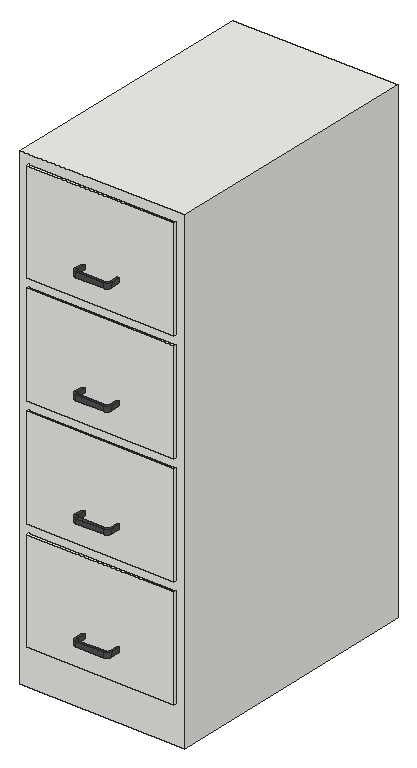
Revit family
Parameters (values of type "0457 x 0734mm")
  Cabinet Material = Metal - Paint Finish - Ivory, Glossy
  Depth = 734.00 mm
  Handle Material = Metal - Chrome
  Height = 1320.00 mm
  Width = 457.00 mm
Types (7, lengths in mm): name | Depth | Height | Width
  (no name) | 734.00 | 1320.00 | 457.00
  0380 x 0457mm | 457.00 | 1320.00 | 380.00
  0380 x 0635mm | 635.00 | 1320.00 | 380.00
  0380 x 0734mm | 734.00 | 1320.00 | 380.00
  0457 x 0734mm | 734.00 | 1320.00 | 457.00
  0915 x 0380mm Lat. | 380.00 | 1346.00 | 915.00
  0915 x 0457mm Lat. | 457.00 | 1346.00 | 915.00
Reference planes
  plane 1 "Center (Front/Back)": y = -142.134
  plane 2: z = 0
  plane 3 "Center (Left/Right)": x = -127.896
  plane 4: x = 100.604
  plane 5: x = -356.396
  plane 6: y = 224.866
  plane 7: y = -509.134
  plane 8: z = 1320
  plane 9: y = -515.484
Forms (mm)
  Extrusion 1, solid, material "Metal - Paint Finish - Ivory, Glossy" <- "Cabinet Material"
    sketch origin (0, 224.866, 0) x (1, 0, 0) y (0, 0, 1)
      loop
        line (-330.996, 1294.6) -> (-330.996, 1016) -> (75.204, 1016) -> (75.204, 1294.6) -> (-330.996, 1294.6)
      loop
        line (-330.996, 711.2) -> (75.204, 711.2) -> (75.204, 990.6) -> (-330.996, 990.6) -> (-330.996, 711.2)
      loop
        line (-330.996, 685.8) -> (-330.996, 406.4) -> (75.204, 406.4) -> (75.204, 685.8) -> (-330.996, 685.8)
      loop
        line (-330.996, 381) -> (-330.996, 101.6) -> (75.204, 101.6) -> (75.204, 381) -> (-330.996, 381)
    from 734 to 740.35
  Extrusion 2, solid, material "Metal - Paint Finish - Ivory, Glossy" <- "Cabinet Material"
    sketch origin (0, 0, 0) x (1, 0, 0) y (0, 1, 0)
      loop
        line (-356.396, 224.866) -> (-356.396, -509.134) -> (100.604, -509.134) -> (100.604, 224.866) -> (-356.396, 224.866)
    from 0 to 1320
  Sweep 3, solid, material "Metal - Chrome" <- "Handle Material"
    path origin (0, 0, 0) x (1, 0, 0) y (0, 1, 0)
      loop
        line (-178.696, -515.484) -> (-178.696, -540.884)
        arc (-178.696, -540.884) -> (-174.977, -549.865) -> (-165.996, -553.584) r 12.7
        line (-165.996, -553.584) -> (-89.796, -553.584)
        arc (-89.796, -553.584) -> (-80.816, -549.865) -> (-77.096, -540.884) r 12.7
        line (-77.096, -540.884) -> (-77.096, -515.484)
    profile origin (0, -528.184, 0) x (1, 0, 0) y (0, 0, 1)
      loop
        line (-178.696, 177.8) -> (-172.346, 177.8) -> (-172.346, 190.5) -> (-178.696, 190.5) -> (-178.696, 177.8)
      loop
        line (-178.696, 482.6) -> (-172.346, 482.6) -> (-172.346, 495.3) -> (-178.696, 495.3) -> (-178.696, 482.6)
      loop
        line (-178.696, 787.4) -> (-172.346, 787.4) -> (-172.346, 800.1) -> (-178.696, 800.1) -> (-178.696, 787.4)
      loop
        line (-178.696, 1092.2) -> (-172.346, 1092.2) -> (-172.346, 1104.9) -> (-178.696, 1104.9) -> (-178.696, 1092.2)
Lines and regions (mm)
  Masking region 1
    outline origin (0, 0, 0) x (1, 0, 0) y (0, 1, 0)
      loop
        line (-356.396, 224.866) -> (-356.396, -509.134) -> (100.604, -509.134) -> (100.604, 224.866) -> (-356.396, 224.866)
  symbolic lines
    curve 1: line (-172.346, -540.884, 0) -> (-172.346, -509.134, 0)
    curve 2: line (-89.796, -547.234, 0) -> (-165.996, -547.234, 0)
    curve 3: line (-83.446, -509.134, 0) -> (-83.446, -540.884, 0)
    curve 4: arc (-89.796, -547.234, 0) -> (-85.306, -545.374, 0) -> (-83.446, -540.884, 0) r 6.35
    curve 5: arc (-172.346, -540.884, 0) -> (-170.487, -545.374, 0) -> (-165.996, -547.234, 0) r 6.35
Dimensions and locks
  equal spacing: plane 5, plane 3 "Center (Left/Right)", plane 4
  equal spacing: plane 7, plane 1 "Center (Front/Back)", plane 6
  "Width": plane 5 to plane 4
  "Depth": plane 7 to plane 6
  "Height": plane 8 to plane 2
  plane 7 to plane 9 = 6.35 mm
  aligned and locked: plane 7 to Extrusion 1
  aligned and locked: Extrusion 1 to plane 9
  aligned and locked: Extrusion 2 to plane 8
  aligned and locked: Extrusion 2 to level
  aligned and locked: plane 6 to Masking region 1 sketch curve
  aligned and locked: plane 7 to Masking region 1 sketch curve
  aligned and locked: plane 4 to Masking region 1 sketch curve
  aligned and locked: Masking region 1 sketch curve to plane 5
  aligned and locked: curve 1 to Sweep 3
  aligned and locked: curve 2 to Sweep 3
  aligned and locked: curve 3 to Sweep 3
  aligned and locked: plane 7 to curve 1
  aligned and locked: plane 7 to curve 3
Automatic sketch dimensions
  Extrusion 1 sketch curve to plane 5 = 25.40 mm  (x3)
  Extrusion 1 sketch curve to Extrusion 1 sketch curve = 0.00 mm  (x2)
  plane 4 to Extrusion 1 sketch curve = 25.40 mm  (x3)
  level to Extrusion 1 sketch curve = 101.60 mm
  plane 8 to Extrusion 1 sketch curve = 25.40 mm
  Extrusion 1 sketch curve to Extrusion 1 sketch curve = 279.40 mm  (x3)
  Extrusion 1 sketch curve to Extrusion 1 sketch curve = 25.40 mm  (x3)
  Sweep 3 sketch curve to plane 9 = 0.00 mm  (x2)
  plane 9 to Sweep 3 sketch curve = 25.40 mm
  Sweep 3 sketch curve to plane 3 "Center (Left/Right)" = 50.80 mm
  Sweep 3 sketch curve to plane 3 "Center (Left/Right)" = 38.10 mm
  plane 3 "Center (Left/Right)" to Sweep 3 sketch curve = 38.10 mm
  Sweep 3 sketch curve to Sweep 3 sketch curve = 12.70 mm  (x5)
  Sweep 3 sketch curve to profile plane = 0.00 mm  (x4)
  Sweep 3 sketch curve to Sweep 3 sketch curve = 6.35 mm  (x4)
  level to Sweep 3 sketch curve = 177.80 mm
  Sweep 3 sketch curve to Sweep 3 sketch curve = 292.10 mm  (x3)
  Extrusion 2 sketch curve to plane 5 = 0.00 mm
  Extrusion 2 sketch curve to plane 4 = 0.00 mm
  Extrusion 2 sketch curve to plane 7 = 0.00 mm
  Extrusion 2 sketch curve to plane 6 = 0.00 mm
  curve 5 to curve 2 = 6.35 mm
  curve 4 to curve 4 = 6.35 mm
